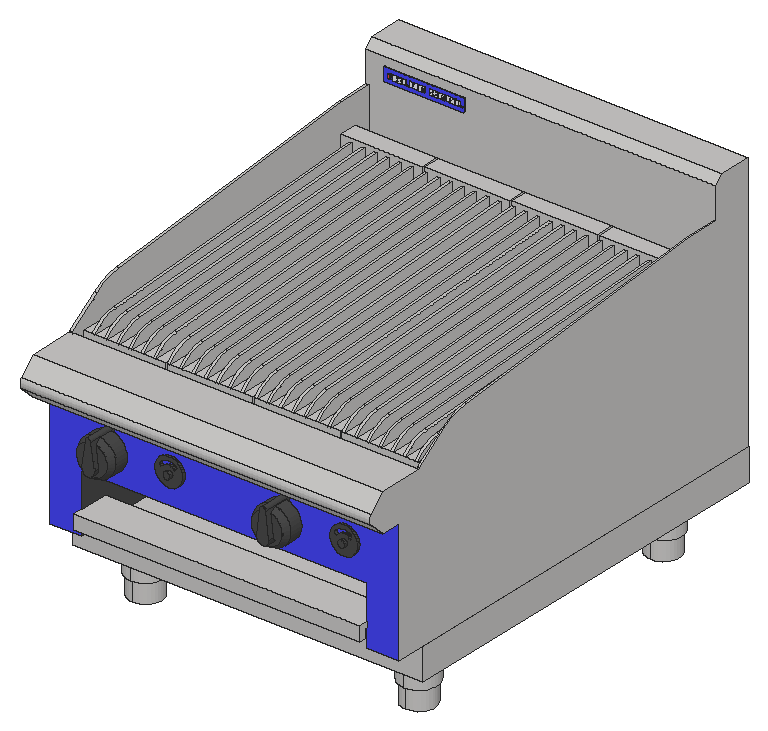
Revit family "QF_MOFFAT_BLUESEAL_CE_G594-B", category Specialty Equipment, Revit 2012
Parameters
  Weight in Pounds = 281  # constant formula
  URL Cutsheet = "www.moffat.com"
  URL = "www.moffat.com"
  Type Mark [instance] = ""
  Status [instance] = ""
  Specification by User [instance] = ""
  Specification by Manufacturer = ""
  Show Logo [instance] = yes
  Show Casters [instance] = yes
  Serial Number = ""
  Seismic Rating = ""
  SMACNA No = ""
  Revision Code [instance] = ""
  Omniclass Number and Title = ""
  NAFEM Spec ID Number = ""
  Model = "G594-B"
  Mechanical Remarks [instance] = ""
  Mechanical Connection Type [instance] = ""
  Masterspec = ""
  Manufacturer = "MOFFAT BLUESEAL"
  Legs [instance] = not(Show Casters)  # no
  Item Number [instance] = ""
  Installed By [instance] = ""
  Identify Quantity as Lot [instance] = yes
  Gas Size = 3/4"
  Gas RI Height [instance] = 0 mm
  Gas KW [instance] = 19.8
  Gas Input [instance] = 67500.0 Btu/h
  Gas Connection Height = 0 mm
  Furnished By [instance] = ""
  Foodservice Equipment Identifier [instance] = yes
  Description = "600MM GAS CHARGRILL BENCH MOUNT"
  CSI MasterFormat = ""
  CSI Master Format = ""
  Body Finish = QF_Finishes_Stainless Steel
Reference planes
  plane 1 "BACK": y = 0
  plane 2: z = 0
  plane 3 "LEFT": x = 0
  plane 4 "RIGHT": x = 600
  plane 5 "FRONT": y = -812
  plane 6 "TOP": z = 972
  plane 7 "Center Y": x = 300
  plane 8 "Center X": y = -406
  plane 9: y = -100
  plane 10: y = -625
  plane 11: z = 585
  plane 12: x = 534.5
  plane 13: x = 65.5
Forms (mm)
  Extrusion 1, solid, material "QF_Finishes_Stainless Steel" <- "Body Finish"
    sketch origin (0, 0, -500) x (0, 1, 0) y (0, 0, 1)
      loop
        line (0, 640) -> (0, 1085) -> (-57.5, 1085) -> (-70, 1072.5) -> (-70, 875) -> (-705, 875) -> (-705, 915) -> (-783.97, 915) -> (-808.485, 890.485)
        arc (-808.485, 890.485) -> (-811.999, 882) -> (-808.485, 873.515) r 12
        line (-808.485, 873.515) -> (-784.97, 850) -> (-749, 850) -> (-749, 640) -> (0, 640)
      loop
        line (0, 585) -> (0, 639.206) -> (-699, 639.206) -> (-699, 585) -> (0, 585)
    from 0 to 600
  Extrusion 2, solid, material "QF_Finishes_Stainless Steel" <- "Body Finish"
    sketch origin (0, 0, -342.612) x (0, 1, 0) y (0, 0, 1)
      loop
        line (-70, 717) -> (-70, 860.112) -> (-127.045, 860.112) -> (-604.53, 814.135)
        arc (-604.53, 814.135) -> (-629.557, 808.415) -> (-652.303, 796.511) r 100
        line (-652.303, 796.511) -> (-705, 759.612) -> (-705, 717) -> (-70, 717)
    from 0 to 4.5
  Extrusion 3, solid, material "QF_Finishes_Stainless Steel" <- "Body Finish"
    sketch origin (600, 0, -342.612) x (0, 1, 0) y (0, 0, -1)
      loop
        line (-70, -717) -> (-705, -717) -> (-705, -759.612) -> (-652.303, -796.511)
        arc (-652.303, -796.511) -> (-629.557, -808.415) -> (-604.53, -814.135) r 100
        line (-604.53, -814.135) -> (-127.045, -860.112) -> (-70, -860.112) -> (-70, -717)
    from 0 to 3
  Revolve 4, solid, material "QF_Finishes_Black"
    sketch origin (108, 7, -344.2) x (0, 1, 0) y (0, 0, 1)
      loop
        line (-789, 671.5) -> (-800, 665.651) -> (-800, 639) -> (-756, 639) -> (-756, 644) -> (-766, 644) -> (-766, 671.5) -> (-789, 671.5)
      axis (-800, 639) -> (-756, 639)
    angle from 0 to 360
  Extrusion 5, solid, material "QF_Finishes_Black"
    sketch origin (-30.113, 7, -344.2) x (1, 0, 0) y (0, 0, 1)
      loop
        line (148.532, 628.195) -> (143.111, 671.113)
        arc (143.111, 671.113) -> (138.113, 676) -> (133.114, 671.113) r 5
        line (133.114, 671.113) -> (127.625, 627.028)
        arc (127.625, 627.028) -> (138.697, 616.529) -> (148.532, 628.195) r 10.487
    from 759 to 808
  Extrusion 6, solid, material "QF_Finishes_Stainless Steel"
    sketch origin (276, 0, -342) x (0, 1, 0) y (0, 0, 1)
      loop
        line (-132, 752.364) -> (-132, 804.849) -> (-637.852, 774.53)
        arc (-637.852, 774.53) -> (-663.098, 767.97) -> (-684, 752.364) r 67.81
        line (-684, 752.364) -> (-132, 752.364)
    from 0 to 4.5
  Extrusion 7, solid, material "QF_Finishes_Stainless Steel"
    sketch origin (255, 0, -342) x (0, 1, 0) y (0, 0, 1)
      loop
        line (-132, 752.364) -> (-132, 804.849) -> (-637.852, 774.53)
        arc (-637.852, 774.53) -> (-663.098, 767.97) -> (-684, 752.364) r 67.81
        line (-684, 752.364) -> (-132, 752.364)
    from 0 to 4.5
  Extrusion 8, solid, material "QF_Finishes_Stainless Steel"
    sketch origin (234, 0, -342) x (0, 1, 0) y (0, 0, 1)
      loop
        line (-132, 752.364) -> (-132, 804.849) -> (-637.852, 774.53)
        arc (-637.852, 774.53) -> (-663.098, 767.97) -> (-684, 752.364) r 67.81
        line (-684, 752.364) -> (-132, 752.364)
    from 0 to 4.5
  Extrusion 9, solid, material "QF_Finishes_Stainless Steel"
    sketch origin (213, 0, -342) x (0, 1, 0) y (0, 0, 1)
      loop
        line (-132, 752.364) -> (-132, 804.849) -> (-637.852, 774.53)
        arc (-637.852, 774.53) -> (-663.098, 767.97) -> (-684, 752.364) r 67.81
        line (-684, 752.364) -> (-132, 752.364)
    from 0 to 4.5
  Extrusion 10, solid, material "QF_Finishes_Stainless Steel"
    sketch origin (192, 0, -342) x (0, 1, 0) y (0, 0, 1)
      loop
        line (-132, 752.364) -> (-132, 804.849) -> (-637.852, 774.53)
        arc (-637.852, 774.53) -> (-663.098, 767.97) -> (-684, 752.364) r 67.81
        line (-684, 752.364) -> (-132, 752.364)
    from 0 to 4.5
  Extrusion 11, solid, material "QF_Finishes_Stainless Steel"
    sketch origin (171, 0, -342) x (0, 1, 0) y (0, 0, 1)
      loop
        line (-132, 752.364) -> (-132, 804.849) -> (-637.852, 774.53)
        arc (-637.852, 774.53) -> (-663.098, 767.97) -> (-684, 752.364) r 67.81
        line (-684, 752.364) -> (-132, 752.364)
    from 0 to 4.5
  Extrusion 12, solid, material "QF_Finishes_Stainless Steel"
    sketch origin (150, 0, -342) x (0, 1, 0) y (0, 0, 1)
      loop
        line (-132, 752.364) -> (-132, 804.849) -> (-637.852, 774.53)
        arc (-637.852, 774.53) -> (-663.098, 767.97) -> (-684, 752.364) r 67.81
        line (-684, 752.364) -> (-132, 752.364)
    from 0 to 4.5
  Extrusion 13, solid, material "QF_Finishes_Stainless Steel"
    sketch origin (126, 0, -342) x (0, 1, 0) y (0, 0, 1)
      loop
        line (-132, 752.364) -> (-132, 804.849) -> (-637.852, 774.53)
        arc (-637.852, 774.53) -> (-663.098, 767.97) -> (-684, 752.364) r 67.81
        line (-684, 752.364) -> (-132, 752.364)
    from 0 to 4.5
  Extrusion 14, solid, material "QF_Finishes_Stainless Steel"
    sketch origin (105, 0, -342) x (0, 1, 0) y (0, 0, 1)
      loop
        line (-132, 752.364) -> (-132, 804.849) -> (-637.852, 774.53)
        arc (-637.852, 774.53) -> (-663.098, 767.97) -> (-684, 752.364) r 67.81
        line (-684, 752.364) -> (-132, 752.364)
    from 0 to 4.5
  Extrusion 15, solid, material "QF_Finishes_Stainless Steel"
    sketch origin (84, 0, -342) x (0, 1, 0) y (0, 0, 1)
      loop
        line (-132, 752.364) -> (-132, 804.849) -> (-637.852, 774.53)
        arc (-637.852, 774.53) -> (-663.098, 767.97) -> (-684, 752.364) r 67.81
        line (-684, 752.364) -> (-132, 752.364)
    from 0 to 4.5
  Extrusion 16, solid, material "QF_Finishes_Stainless Steel"
    sketch origin (63, 0, -342) x (0, 1, 0) y (0, 0, 1)
      loop
        line (-132, 752.364) -> (-132, 804.849) -> (-637.852, 774.53)
        arc (-637.852, 774.53) -> (-663.098, 767.97) -> (-684, 752.364) r 67.81
        line (-684, 752.364) -> (-132, 752.364)
    from 0 to 4.5
  Extrusion 17, solid, material "QF_Finishes_Stainless Steel"
    sketch origin (42, 0, -342) x (0, 1, 0) y (0, 0, 1)
      loop
        line (-132, 752.364) -> (-132, 804.849) -> (-637.852, 774.53)
        arc (-637.852, 774.53) -> (-663.098, 767.97) -> (-684, 752.364) r 67.81
        line (-684, 752.364) -> (-132, 752.364)
    from 0 to 4.5
  Extrusion 18, solid, material "QF_Finishes_Stainless Steel"
    sketch origin (21, 0, -342) x (0, 1, 0) y (0, 0, 1)
      loop
        line (-132, 752.364) -> (-132, 804.849) -> (-637.852, 774.53)
        arc (-637.852, 774.53) -> (-663.098, 767.97) -> (-684, 752.364) r 67.81
        line (-684, 752.364) -> (-132, 752.364)
    from 0 to 4.5
  Extrusion 19, solid, material "QF_Finishes_Stainless Steel"
    sketch origin (426, 0, -342) x (0, 1, 0) y (0, 0, 1)
      loop
        line (-132, 752.364) -> (-132, 804.849) -> (-637.852, 774.53)
        arc (-637.852, 774.53) -> (-663.098, 767.97) -> (-684, 752.364) r 67.81
        line (-684, 752.364) -> (-132, 752.364)
    from 0 to 4.5
  Extrusion 20, solid, material "QF_Finishes_Stainless Steel"
    sketch origin (405, 0, -342) x (0, 1, 0) y (0, 0, 1)
      loop
        line (-132, 752.364) -> (-132, 804.849) -> (-637.852, 774.53)
        arc (-637.852, 774.53) -> (-663.098, 767.97) -> (-684, 752.364) r 67.81
        line (-684, 752.364) -> (-132, 752.364)
    from 0 to 4.5
  Extrusion 21, solid, material "QF_Finishes_Stainless Steel"
    sketch origin (384, 0, -342) x (0, 1, 0) y (0, 0, 1)
      loop
        line (-132, 752.364) -> (-132, 804.849) -> (-637.852, 774.53)
        arc (-637.852, 774.53) -> (-663.098, 767.97) -> (-684, 752.364) r 67.81
        line (-684, 752.364) -> (-132, 752.364)
    from 0 to 4.5
  Extrusion 22, solid, material "QF_Finishes_Stainless Steel"
    sketch origin (363, 0, -342) x (0, 1, 0) y (0, 0, 1)
      loop
        line (-132, 752.364) -> (-132, 804.849) -> (-637.852, 774.53)
        arc (-637.852, 774.53) -> (-663.098, 767.97) -> (-684, 752.364) r 67.81
        line (-684, 752.364) -> (-132, 752.364)
    from 0 to 4.5
  Extrusion 23, solid, material "QF_Finishes_Stainless Steel"
    sketch origin (342, 0, -342) x (0, 1, 0) y (0, 0, 1)
      loop
        line (-132, 752.364) -> (-132, 804.849) -> (-637.852, 774.53)
        arc (-637.852, 774.53) -> (-663.098, 767.97) -> (-684, 752.364) r 67.81
        line (-684, 752.364) -> (-132, 752.364)
    from 0 to 4.5
  Extrusion 24, solid, material "QF_Finishes_Stainless Steel"
    sketch origin (321, 0, -342) x (0, 1, 0) y (0, 0, 1)
      loop
        line (-132, 752.364) -> (-132, 804.849) -> (-637.852, 774.53)
        arc (-637.852, 774.53) -> (-663.098, 767.97) -> (-684, 752.364) r 67.81
        line (-684, 752.364) -> (-132, 752.364)
    from 0 to 4.5
  Extrusion 25, solid, material "QF_Finishes_Stainless Steel"
    sketch origin (300, 0, -342) x (0, 1, 0) y (0, 0, 1)
      loop
        line (-132, 752.364) -> (-132, 804.849) -> (-637.852, 774.53)
        arc (-637.852, 774.53) -> (-663.098, 767.97) -> (-684, 752.364) r 67.81
        line (-684, 752.364) -> (-132, 752.364)
    from 0 to 4.5
  Extrusion 26, solid, material "QF_Finishes_Stainless Steel"
    sketch origin (576, 0, -342) x (0, 1, 0) y (0, 0, 1)
      loop
        line (-132, 752.364) -> (-132, 804.849) -> (-637.852, 774.53)
        arc (-637.852, 774.53) -> (-663.098, 767.97) -> (-684, 752.364) r 67.81
        line (-684, 752.364) -> (-132, 752.364)
    from 0 to 4.5
  Extrusion 27, solid, material "QF_Finishes_Stainless Steel"
    sketch origin (555, 0, -342) x (0, 1, 0) y (0, 0, 1)
      loop
        line (-132, 752.364) -> (-132, 804.849) -> (-637.852, 774.53)
        arc (-637.852, 774.53) -> (-663.098, 767.97) -> (-684, 752.364) r 67.81
        line (-684, 752.364) -> (-132, 752.364)
    from 0 to 4.5
  Extrusion 28, solid, material "QF_Finishes_Stainless Steel"
    sketch origin (534, 0, -342) x (0, 1, 0) y (0, 0, 1)
      loop
        line (-132, 752.364) -> (-132, 804.849) -> (-637.852, 774.53)
        arc (-637.852, 774.53) -> (-663.098, 767.97) -> (-684, 752.364) r 67.81
        line (-684, 752.364) -> (-132, 752.364)
    from 0 to 4.5
  Extrusion 29, solid, material "QF_Finishes_Stainless Steel"
    sketch origin (513, 0, -342) x (0, 1, 0) y (0, 0, 1)
      loop
        line (-132, 752.364) -> (-132, 804.849) -> (-637.852, 774.53)
        arc (-637.852, 774.53) -> (-663.098, 767.97) -> (-684, 752.364) r 67.81
        line (-684, 752.364) -> (-132, 752.364)
    from 0 to 4.5
  Extrusion 30, solid, material "QF_Finishes_Stainless Steel"
    sketch origin (492, 0, -342) x (0, 1, 0) y (0, 0, 1)
      loop
        line (-132, 752.364) -> (-132, 804.849) -> (-637.852, 774.53)
        arc (-637.852, 774.53) -> (-663.098, 767.97) -> (-684, 752.364) r 67.81
        line (-684, 752.364) -> (-132, 752.364)
    from 0 to 4.5
  Extrusion 31, solid, material "QF_Finishes_Stainless Steel"
    sketch origin (471, 0, -342) x (0, 1, 0) y (0, 0, 1)
      loop
        line (-132, 752.364) -> (-132, 804.849) -> (-637.852, 774.53)
        arc (-637.852, 774.53) -> (-663.098, 767.97) -> (-684, 752.364) r 67.81
        line (-684, 752.364) -> (-132, 752.364)
    from 0 to 4.5
  Extrusion 32, solid, material "QF_Finishes_Stainless Steel"
    sketch origin (450, 0, -342) x (0, 1, 0) y (0, 0, 1)
      loop
        line (-132, 752.364) -> (-132, 804.849) -> (-637.852, 774.53)
        arc (-637.852, 774.53) -> (-663.098, 767.97) -> (-684, 752.364) r 67.81
        line (-684, 752.364) -> (-132, 752.364)
    from 0 to 4.5
  Extrusion 33, solid, material "QF_Finishes_Stainless Steel"
    sketch origin (0, 3, -500) x (1, 0, 0) y (0, 1, 0)
      loop
        circle (216, -37) r 13.5
    from 553 to 585
  Extrusion 34, solid, material "QF_Finishes_Stainless Steel"
    sketch origin (0, 0, -342) x (0, 1, 0) y (0, 0, 1)
      loop
        line (-132, 752.364) -> (-684, 752.364) -> (-684, 717) -> (-102, 717) -> (-102, 812) -> (-132, 812) -> (-132, 752.364)
    from 4.5 to 147
  Extrusion 35, solid, material "QF_Finishes_Stainless Steel"
    sketch origin (145.5, 0, -342) x (0, 1, 0) y (0, 0, 1)
      loop
        line (-132, 752.364) -> (-684, 752.364) -> (-684, 717) -> (-102, 717) -> (-102, 812) -> (-132, 812) -> (-132, 752.364)
    from 4.5 to 151.5
  Extrusion 36, solid, material "QF_Finishes_Stainless Steel"
    sketch origin (295.5, 0, -342) x (0, 1, 0) y (0, 0, 1)
      loop
        line (-132, 752.364) -> (-684, 752.364) -> (-684, 717) -> (-102, 717) -> (-102, 812) -> (-132, 812) -> (-132, 752.364)
    from 4.5 to 151.5
  Extrusion 37, solid, material "QF_Finishes_Stainless Steel"
    sketch origin (445.5, 0, -342) x (0, 1, 0) y (0, 0, 1)
      loop
        line (-132, 752.364) -> (-684, 752.364) -> (-684, 717) -> (-102, 717) -> (-102, 812) -> (-132, 812) -> (-132, 752.364)
    from 4.5 to 151.5
  Extrusion 38, solid, material "QF_Finishes_Black"
    sketch origin (0, -749, 350) x (0, 0, -1) y (1, 0, 0)
      loop
        circle (55.799, 208) r 23.9
      loop
        arc (48.44, 216.419) -> (49.3, 221.219) -> (44.5, 222.079) r 3.448
        arc (44.5, 222.079) -> (37.915, 207.341) -> (45.718, 193.209) r 18.095
        arc (45.718, 193.209) -> (50.44, 194.491) -> (49.125, 199.204) r 3.448
        arc (49.125, 199.204) -> (45.557, 207.683) -> (48.44, 216.419) r 13.109
      loop
        circle (55.799, 508) r 23.9
      loop
        arc (44.5, 522.079) -> (37.915, 507.341) -> (45.718, 493.209) r 18.095
        arc (45.718, 493.209) -> (50.44, 494.491) -> (49.125, 499.204) r 3.448
        arc (49.125, 499.204) -> (45.557, 507.683) -> (48.44, 516.419) r 13.109
        arc (48.44, 516.419) -> (49.3, 521.219) -> (44.5, 522.079) r 3.448
    from 0 to 4
  Extrusion 39, solid, material "QF_Finishes_Black"
    sketch origin (0, -753, 350) x (0, 0, -1) y (1, 0, 0)
      loop
        circle (59.299, 208) r 5.75
      loop
        circle (59.299, 508) r 5.75
    from 0 to 5
  Revolve 40, solid, material "QF_Finishes_Black"
    sketch origin (408, 7, -344.2) x (0, 1, 0) y (0, 0, 1)
      loop
        line (-789, 671.5) -> (-800, 665.651) -> (-800, 639) -> (-756, 639) -> (-756, 644) -> (-766, 644) -> (-766, 671.5) -> (-789, 671.5)
      axis (-800, 639) -> (-756, 639)
    angle from 0 to 360
  Extrusion 41, solid, material "QF_Finishes_Black"
    sketch origin (269.887, 7, -344.2) x (1, 0, 0) y (0, 0, 1)
      loop
        line (148.532, 628.195) -> (143.111, 671.113)
        arc (143.111, 671.113) -> (138.113, 676) -> (133.114, 671.113) r 5
        line (133.114, 671.113) -> (127.625, 627.028)
        arc (127.625, 627.028) -> (138.697, 616.529) -> (148.532, 628.195) r 10.487
    from 759 to 808
  Extrusion 42, void
    sketch origin (0, -749, 350) x (0, 0, 1) y (1, 0, 0)
      loop
        line (-210, 545) -> (-210, 55) -> (-110, 55) -> (-110, 545) -> (-210, 545)
    from 0 to 250
  Extrusion 43, solid, material "QF_Finishes_Stainless Steel"
    sketch origin (55, -749, 140) x (0, 0, 1) y (0, -1, 0)
      loop
        line (16.797, 15.924) -> (16.797, 5.924) -> (31.797, 5.924) -> (31.797, -31.346) -> (0, -31.346) -> (0, -50) -> (41.797, -50) -> (41.797, 15.924) -> (16.797, 15.924)
    from 0 to 490
  Revolve 44, solid, material "QF_Finishes_Stainless Steel" <- "Body Finish"
    sketch origin (534.5, -735, 0) x (0, 1, 0) y (0, 0, -1)
      loop
        line (78.25, -85) -> (110, -85) -> (110, 0) -> (82.5, 0) -> (82.5, -35) -> (78.25, -35) -> (78.25, -85)
      axis (110, -85) -> (110, 0)
    angle from 0 to 360
  Revolve 45, solid, material "QF_Finishes_Stainless Steel" <- "Body Finish"
    sketch origin (534.5, -210, 0) x (0, 1, 0) y (0, 0, -1)
      loop
        line (78.25, -85) -> (110, -85) -> (110, 0) -> (82.5, 0) -> (82.5, -35) -> (78.25, -35) -> (78.25, -85)
      axis (110, -85) -> (110, 0)
    angle from 0 to 360
  Revolve 46, solid, material "QF_Finishes_Stainless Steel" <- "Body Finish"
    sketch origin (65.5, -735, 0) x (0, 1, 0) y (0, 0, 1)
      loop
        line (78.25, 85) -> (78.25, 35) -> (82.5, 35) -> (82.5, 0) -> (110, 0) -> (110, 85) -> (78.25, 85)
      axis (110, 85) -> (110, 0)
    angle from 0 to 360
  Revolve 47, solid, material "QF_Finishes_Stainless Steel" <- "Body Finish"
    sketch origin (65.5, -210, 0) x (0, 1, 0) y (0, 0, 1)
      loop
        line (78.25, 85) -> (78.25, 35) -> (82.5, 35) -> (82.5, 0) -> (110, 0) -> (110, 85) -> (78.25, 85)
      axis (110, 85) -> (110, 0)
    angle from 0 to 360
Cuts and joins
  joined: Revolve 4, Extrusion 5
  Extrusion 42 cuts Extrusion 1
  Extrusion 42 cuts Extrusion 2
  Extrusion 42 cuts Extrusion 3
  joined: Extrusion 1, Extrusion 2, Extrusion 3
Lines and regions (mm)
  Split face 1
    outline origin (600, 0, 585) x (-1, 0, 0) y (0, -1, 0)
      loop
        arc (556, 18.185) -> (564.66, 23.185) -> (564.66, 33.185) r 10
        line (564.66, 33.185) -> (560.619, 40.185)
        arc (560.619, 40.185) -> (556.959, 43.845) -> (551.959, 45.185) r 10
        line (551.959, 45.185) -> (324, 45.185)
        arc (324, 45.185) -> (315.34, 40.185) -> (315.34, 30.185) r 10
        line (315.34, 30.185) -> (319.381, 23.185)
        arc (319.381, 23.185) -> (323.041, 19.525) -> (328.041, 18.185) r 10
        line (328.041, 18.185) -> (556, 18.185)
  Split face 2
    outline origin (600, 0, 585) x (-1, 0, 0) y (0, -1, 0)
      loop
        arc (256, 18.185) -> (264.66, 23.185) -> (264.66, 33.185) r 10
        line (264.66, 33.185) -> (260.619, 40.185)
        arc (260.619, 40.185) -> (256.959, 43.845) -> (251.959, 45.185) r 10
        line (251.959, 45.185) -> (24, 45.185)
        arc (24, 45.185) -> (15.34, 40.185) -> (15.34, 30.185) r 10
        line (15.34, 30.185) -> (19.381, 23.185)
        arc (19.381, 23.185) -> (23.041, 19.525) -> (28.041, 18.185) r 10
        line (28.041, 18.185) -> (256, 18.185)
  symbolic lines
    curve 1: line (271.959, -18.185, 0) -> (44, -18.185, 0)
    curve 2: arc (44, -18.185, 0) -> (35.34, -23.185, 0) -> (35.34, -33.185, 0) r 10
    curve 3: line (35.34, -33.185, 0) -> (39.381, -40.185, 0)
    curve 4: arc (39.381, -40.185, 0) -> (43.041, -43.845, 0) -> (48.041, -45.185, 0) r 10
    curve 5: line (48.041, -45.185, 0) -> (276, -45.185, 0)
    curve 6: arc (276, -45.185, 0) -> (284.66, -40.185, 0) -> (284.66, -30.185, 0) r 10
    curve 7: line (284.66, -30.185, 0) -> (280.619, -23.185, 0)
    curve 8: arc (280.619, -23.185, 0) -> (276.959, -19.525, 0) -> (271.959, -18.185, 0) r 10
    curve 9: line (571.959, -18.185, 0) -> (344, -18.185, 0)
    curve 10: arc (344, -18.185, 0) -> (335.34, -23.185, 0) -> (335.34, -33.185, 0) r 10
    curve 11: line (335.34, -33.185, 0) -> (339.381, -40.185, 0)
    curve 12: arc (339.381, -40.185, 0) -> (343.041, -43.845, 0) -> (348.041, -45.185, 0) r 10
    curve 13: line (348.041, -45.185, 0) -> (576, -45.185, 0)
    curve 14: arc (576, -45.185, 0) -> (584.66, -40.185, 0) -> (584.66, -30.185, 0) r 10
    curve 15: line (584.66, -30.185, 0) -> (580.619, -23.185, 0)
    curve 16: arc (580.619, -23.185, 0) -> (576.959, -19.525, 0) -> (571.959, -18.185, 0) r 10
    curve 17: line (600, 0, 0) -> (0, 0, 0)
    curve 18: line (0, 0, 0) -> (0, -811.999, 0)
    curve 19: line (600, -811.999, 0) -> (600, 0, 0)
    curve 20: line (0, -783.97, 0) -> (600, -783.97, 0)
    curve 21: line (597, -705, 0) -> (4.5, -705, 0)
    curve 22: line (600, -811.999, 0) -> (0, -811.999, 0)
    curve 23: line (0, -57.5, 0) -> (600, -57.5, 0)
    curve 24: line (0, -70, 0) -> (600, -70, 0)
    curve 25: line (4.5, -705, 0) -> (4.5, -70, 0)
    curve 26: line (597, -70, 0) -> (597, -705, 0)
    curve 27: line (147, -102, 0) -> (4.5, -102, 0)
    curve 28: line (297, -102, 0) -> (150, -102, 0)
    curve 29: line (447, -102, 0) -> (300, -102, 0)
    curve 30: line (597, -102, 0) -> (450, -102, 0)
    curve 31: line (147, -684, 0) -> (147, -102, 0)
    curve 32: line (150, -102, 0) -> (150, -684, 0)
    curve 33: line (297, -684, 0) -> (297, -102, 0)
    curve 34: line (300, -102, 0) -> (300, -684, 0)
    curve 35: line (447, -684, 0) -> (447, -102, 0)
    curve 36: line (450, -102, 0) -> (450, -684, 0)
    curve 37: line (21, -132, 0) -> (21, -684, 0)
    curve 38: line (42, -132, 0) -> (42, -684, 0)
    curve 39: line (63, -132, 0) -> (63, -684, 0)
    curve 40: line (84, -132, 0) -> (84, -684, 0)
    curve 41: line (105, -132, 0) -> (105, -684, 0)
    curve 42: line (126, -132, 0) -> (126, -684, 0)
    curve 43: line (150, -132, 0) -> (297, -132, 0)
    curve 44: line (4.5, -132, 0) -> (147, -132, 0)
    curve 45: line (300, -132, 0) -> (447, -132, 0)
    curve 46: line (450, -132, 0) -> (597, -132, 0)
    curve 47: line (154.5, -684, 0) -> (154.5, -132, 0)
    curve 48: line (175.5, -684, 0) -> (175.5, -132, 0)
    curve 49: line (196.5, -684, 0) -> (196.5, -132, 0)
    curve 50: line (217.5, -684, 0) -> (217.5, -132, 0)
    curve 51: line (238.5, -684, 0) -> (238.5, -132, 0)
    curve 52: line (259.5, -684, 0) -> (259.5, -132, 0)
    curve 53: line (280.5, -684, 0) -> (280.5, -132, 0)
    curve 54: line (304.5, -684, 0) -> (304.5, -132, 0)
    curve 55: line (325.5, -684, 0) -> (325.5, -132, 0)
    curve 56: line (346.5, -684, 0) -> (346.5, -132, 0)
    curve 57: line (367.5, -684, 0) -> (367.5, -132, 0)
    curve 58: line (388.5, -684, 0) -> (388.5, -132, 0)
    curve 59: line (409.5, -684, 0) -> (409.5, -132, 0)
    curve 60: line (430.5, -684, 0) -> (430.5, -132, 0)
    curve 61: line (454.5, -684, 0) -> (454.5, -132, 0)
    curve 62: line (475.5, -684, 0) -> (475.5, -132, 0)
    curve 63: line (496.5, -684, 0) -> (496.5, -132, 0)
    curve 64: line (517.5, -684, 0) -> (517.5, -132, 0)
    curve 65: line (538.5, -684, 0) -> (538.5, -132, 0)
    curve 66: line (559.5, -684, 0) -> (559.5, -132, 0)
    curve 67: line (580.5, -684, 0) -> (580.5, -132, 0)
    curve 68: line (4.5, -684, 0) -> (147, -684, 0)
    curve 69: line (150, -684, 0) -> (297, -684, 0)
    curve 70: line (300, -684, 0) -> (447, -684, 0)
    curve 71: line (450, -684, 0) -> (597, -684, 0)
Dimensions and locks
  equal spacing: plane 3 "LEFT", plane 7 "Center Y", plane 4 "RIGHT"
  plane 3 "LEFT" to plane 4 "RIGHT" = 600 mm
  equal spacing: plane 5 "FRONT", plane 8 "Center X", plane 1 "BACK"
  plane 5 "FRONT" to plane 1 "BACK" = 812 mm  (x2)
  equal spacing: plane 4 "RIGHT", plane 7 "Center Y", plane 3 "LEFT"
  plane 4 "RIGHT" to plane 3 "LEFT" = 600 mm
  Extrusion 33 to level = 53 mm  (x2)
  Extrusion 33 to plane 1 "BACK" = 34 mm
  Extrusion 33 sketch curve to plane 1 "BACK" = 34 mm
  plane 2 to Extrusion 33 = 53 mm
  plane 3 "LEFT" to Extrusion 33 sketch curve = 216 mm
  locked: plane 11 to level at 585
  cut or joined group of Extrusion 1, Extrusion 2, Extrusion 3, Extrusion 42 to level = 85 mm
  plane 12 to plane 13 = 469 mm
  cut or joined group of Extrusion 1, Extrusion 2, Extrusion 3, Extrusion 42 to plane 2 = 415 mm
  aligned and locked: level to plane 2
Automatic sketch dimensions
  Extrusion 1 sketch curve to plane 1 "BACK" = 0 mm  (x2)
  Extrusion 1 sketch curve to Extrusion 1 sketch curve = 57.5 mm
  plane 1 "BACK" to Extrusion 1 sketch curve = 70 mm
  Extrusion 1 sketch curve to plane 5 "FRONT" = 107 mm
  Extrusion 1 sketch curve to plane 5 "FRONT" = 113 mm
  Extrusion 1 sketch curve to Extrusion 1 sketch curve = 44 mm
  Extrusion 1 sketch curve to plane 5 "FRONT" = 28.03 mm
  Extrusion 1 sketch curve to plane 5 "FRONT" = 27.03 mm
  Extrusion 1 sketch curve to plane 5 "FRONT" = 12.001 mm
  Extrusion 1 sketch curve to plane 5 "FRONT" = 3.515 mm  (x2)
  Extrusion 1 sketch curve to Extrusion 1 sketch curve = 24.515 mm
  Extrusion 1 sketch curve to Extrusion 1 sketch curve = 8.485 mm
  Extrusion 1 sketch curve to Extrusion 1 sketch curve = 40 mm
  Extrusion 1 sketch curve to Extrusion 1 sketch curve = 23.515 mm
  Extrusion 1 sketch curve to Extrusion 1 sketch curve = 235 mm
  Extrusion 1 sketch curve to Extrusion 1 sketch curve = 0.794 mm
  Extrusion 1 sketch curve to Extrusion 1 sketch curve = 54.206 mm
  Extrusion 2 sketch curve to plane 5 "FRONT" = 107 mm
  Extrusion 2 sketch curve to Extrusion 2 sketch curve = 52.697 mm
  Extrusion 2 sketch curve to plane 6 "TOP" = 500.477 mm
  Extrusion 2 sketch curve to Extrusion 2 sketch curve = 47.773 mm
  Extrusion 2 sketch curve to plane 6 "TOP" = 454.5 mm
  plane 1 "BACK" to Extrusion 2 sketch curve = 127.045 mm
  plane 1 "BACK" to Extrusion 2 sketch curve = 70 mm
  Extrusion 2 sketch curve to Extrusion 2 sketch curve = 79.511 mm
  Extrusion 2 sketch curve to Extrusion 2 sketch curve = 42.612 mm
  Extrusion 3 sketch curve to plane 5 "FRONT" = 107 mm
  Extrusion 3 sketch curve to Extrusion 3 sketch curve = 52.697 mm
  Extrusion 3 sketch curve to plane 6 "TOP" = 500.477 mm
  Extrusion 3 sketch curve to Extrusion 3 sketch curve = 47.773 mm
  Extrusion 3 sketch curve to plane 6 "TOP" = 454.5 mm
  plane 1 "BACK" to Extrusion 3 sketch curve = 127.045 mm
  Extrusion 3 sketch curve to Extrusion 3 sketch curve = 57.045 mm
  Revolve 4 sketch curve to plane 5 "FRONT" = 19 mm
  Revolve 4 sketch curve to Revolve 4 sketch curve = 0 mm  (x2)
  Revolve 4 sketch curve to Revolve 4 sketch curve = 11 mm
  Revolve 4 sketch curve to Revolve 4 sketch curve = 12.7 mm
  Revolve 4 sketch curve to Revolve 4 sketch curve = 23 mm
  Revolve 4 sketch curve to Revolve 4 sketch curve = 10 mm
  Revolve 4 sketch curve to Revolve 4 sketch curve = 5 mm
  Revolve 4 sketch curve to Revolve 4 sketch curve = 26.651 mm
  Revolve 4 sketch curve to Revolve 4 sketch curve = 5.849 mm
  plane 3 "LEFT" to Extrusion 5 sketch curve = 97.513 mm
  Extrusion 5 sketch curve to Extrusion 5 sketch curve = 5.489 mm
  Extrusion 5 sketch curve to Extrusion 5 sketch curve = 4.999 mm  (x2)
  Extrusion 5 sketch curve to Extrusion 5 sketch curve = 10.487 mm
  Extrusion 5 sketch curve to Extrusion 5 sketch curve = 10.419 mm
  Extrusion 5 sketch curve to Extrusion 5 sketch curve = 0.028 mm
  Extrusion 5 sketch curve to Extrusion 5 sketch curve = 44 mm
  Extrusion 5 sketch curve to Extrusion 5 sketch curve = 0.113 mm
  Extrusion 6 sketch curve to plane 5 "FRONT" = 128 mm
  Extrusion 6 sketch curve to Extrusion 6 sketch curve = 46.148 mm
  Extrusion 6 sketch curve to Extrusion 6 sketch curve = 50.262 mm
  plane 1 "BACK" to Extrusion 6 sketch curve = 132 mm
  Extrusion 7 sketch curve to plane 5 "FRONT" = 128 mm
  Extrusion 7 sketch curve to Extrusion 7 sketch curve = 46.148 mm
  Extrusion 7 sketch curve to Extrusion 7 sketch curve = 50.262 mm
  plane 1 "BACK" to Extrusion 7 sketch curve = 132 mm
  Extrusion 8 sketch curve to plane 5 "FRONT" = 128 mm
  Extrusion 8 sketch curve to Extrusion 8 sketch curve = 46.148 mm
  Extrusion 8 sketch curve to Extrusion 8 sketch curve = 50.262 mm
  plane 1 "BACK" to Extrusion 8 sketch curve = 132 mm
  Extrusion 9 sketch curve to plane 5 "FRONT" = 128 mm
  Extrusion 9 sketch curve to Extrusion 9 sketch curve = 46.148 mm
  Extrusion 9 sketch curve to Extrusion 9 sketch curve = 50.262 mm
  plane 1 "BACK" to Extrusion 9 sketch curve = 132 mm
  Extrusion 10 sketch curve to plane 5 "FRONT" = 128 mm
  Extrusion 10 sketch curve to Extrusion 10 sketch curve = 46.148 mm
  Extrusion 10 sketch curve to Extrusion 10 sketch curve = 4.114 mm
  plane 1 "BACK" to Extrusion 10 sketch curve = 132 mm
  Extrusion 11 sketch curve to plane 5 "FRONT" = 128 mm
  Extrusion 11 sketch curve to Extrusion 11 sketch curve = 46.148 mm
  Extrusion 11 sketch curve to Extrusion 11 sketch curve = 4.114 mm
  plane 1 "BACK" to Extrusion 11 sketch curve = 132 mm
  Extrusion 12 sketch curve to plane 5 "FRONT" = 128 mm
  Extrusion 12 sketch curve to Extrusion 12 sketch curve = 46.148 mm
  Extrusion 12 sketch curve to Extrusion 12 sketch curve = 4.114 mm
  plane 1 "BACK" to Extrusion 12 sketch curve = 132 mm
  Extrusion 13 sketch curve to plane 5 "FRONT" = 128 mm
  Extrusion 13 sketch curve to Extrusion 13 sketch curve = 46.148 mm
  Extrusion 13 sketch curve to Extrusion 13 sketch curve = 50.262 mm
  plane 1 "BACK" to Extrusion 13 sketch curve = 132 mm
  Extrusion 14 sketch curve to plane 5 "FRONT" = 128 mm
  Extrusion 14 sketch curve to Extrusion 14 sketch curve = 46.148 mm
  Extrusion 14 sketch curve to Extrusion 14 sketch curve = 50.262 mm
  plane 1 "BACK" to Extrusion 14 sketch curve = 132 mm
  Extrusion 15 sketch curve to plane 5 "FRONT" = 128 mm
  Extrusion 15 sketch curve to Extrusion 15 sketch curve = 46.148 mm
  Extrusion 15 sketch curve to Extrusion 15 sketch curve = 50.262 mm
  plane 1 "BACK" to Extrusion 15 sketch curve = 132 mm
  Extrusion 16 sketch curve to plane 5 "FRONT" = 128 mm
  Extrusion 16 sketch curve to Extrusion 16 sketch curve = 46.148 mm
  Extrusion 16 sketch curve to Extrusion 16 sketch curve = 50.262 mm
  plane 1 "BACK" to Extrusion 16 sketch curve = 132 mm
  Extrusion 17 sketch curve to plane 5 "FRONT" = 128 mm
  Extrusion 17 sketch curve to Extrusion 17 sketch curve = 46.148 mm
  Extrusion 17 sketch curve to Extrusion 17 sketch curve = 50.262 mm
  plane 1 "BACK" to Extrusion 17 sketch curve = 132 mm
  Extrusion 18 sketch curve to plane 5 "FRONT" = 128 mm
  Extrusion 18 sketch curve to Extrusion 18 sketch curve = 46.148 mm
  Extrusion 18 sketch curve to Extrusion 18 sketch curve = 50.262 mm
  plane 1 "BACK" to Extrusion 18 sketch curve = 132 mm
  Extrusion 19 sketch curve to plane 5 "FRONT" = 128 mm
  Extrusion 19 sketch curve to Extrusion 19 sketch curve = 46.148 mm
  Extrusion 19 sketch curve to Extrusion 19 sketch curve = 50.262 mm
  plane 1 "BACK" to Extrusion 19 sketch curve = 132 mm
  Extrusion 20 sketch curve to plane 5 "FRONT" = 128 mm
  Extrusion 20 sketch curve to Extrusion 20 sketch curve = 46.148 mm
  Extrusion 20 sketch curve to Extrusion 20 sketch curve = 50.262 mm
  plane 1 "BACK" to Extrusion 20 sketch curve = 132 mm
  Extrusion 21 sketch curve to plane 5 "FRONT" = 128 mm
  Extrusion 21 sketch curve to Extrusion 21 sketch curve = 46.148 mm
  Extrusion 21 sketch curve to Extrusion 21 sketch curve = 50.262 mm
  plane 1 "BACK" to Extrusion 21 sketch curve = 132 mm
  Extrusion 22 sketch curve to plane 5 "FRONT" = 128 mm
  Extrusion 22 sketch curve to Extrusion 22 sketch curve = 46.148 mm
  Extrusion 22 sketch curve to Extrusion 22 sketch curve = 4.114 mm
  plane 1 "BACK" to Extrusion 22 sketch curve = 132 mm
  Extrusion 23 sketch curve to plane 5 "FRONT" = 128 mm
  Extrusion 23 sketch curve to Extrusion 23 sketch curve = 46.148 mm
  Extrusion 23 sketch curve to Extrusion 23 sketch curve = 50.262 mm
  plane 1 "BACK" to Extrusion 23 sketch curve = 132 mm
  Extrusion 24 sketch curve to plane 5 "FRONT" = 128 mm
  Extrusion 24 sketch curve to Extrusion 24 sketch curve = 46.148 mm
  Extrusion 24 sketch curve to Extrusion 24 sketch curve = 4.114 mm
  plane 1 "BACK" to Extrusion 24 sketch curve = 132 mm
  Extrusion 25 sketch curve to plane 5 "FRONT" = 128 mm
  Extrusion 25 sketch curve to Extrusion 25 sketch curve = 46.148 mm
  Extrusion 25 sketch curve to Extrusion 25 sketch curve = 50.262 mm
  plane 1 "BACK" to Extrusion 25 sketch curve = 132 mm
  Extrusion 26 sketch curve to plane 5 "FRONT" = 128 mm
  Extrusion 26 sketch curve to Extrusion 26 sketch curve = 46.148 mm
  Extrusion 26 sketch curve to Extrusion 26 sketch curve = 4.114 mm
  plane 1 "BACK" to Extrusion 26 sketch curve = 132 mm
  Extrusion 26 sketch curve to Extrusion 26 sketch curve = 45.518 mm
  Extrusion 27 sketch curve to plane 5 "FRONT" = 128 mm
  Extrusion 27 sketch curve to Extrusion 27 sketch curve = 46.148 mm
  Extrusion 27 sketch curve to Extrusion 27 sketch curve = 50.262 mm
  plane 1 "BACK" to Extrusion 27 sketch curve = 132 mm
  Extrusion 28 sketch curve to plane 5 "FRONT" = 128 mm
  Extrusion 28 sketch curve to Extrusion 28 sketch curve = 46.148 mm
  Extrusion 28 sketch curve to Extrusion 28 sketch curve = 50.262 mm
  plane 1 "BACK" to Extrusion 28 sketch curve = 132 mm
  Extrusion 29 sketch curve to plane 5 "FRONT" = 128 mm
  Extrusion 29 sketch curve to Extrusion 29 sketch curve = 46.148 mm
  Extrusion 29 sketch curve to Extrusion 29 sketch curve = 50.262 mm
  plane 1 "BACK" to Extrusion 29 sketch curve = 132 mm
  Extrusion 30 sketch curve to plane 5 "FRONT" = 128 mm
  Extrusion 30 sketch curve to Extrusion 30 sketch curve = 46.148 mm
  Extrusion 30 sketch curve to Extrusion 30 sketch curve = 50.262 mm
  plane 1 "BACK" to Extrusion 30 sketch curve = 132 mm
  Extrusion 31 sketch curve to plane 5 "FRONT" = 128 mm
  Extrusion 31 sketch curve to Extrusion 31 sketch curve = 46.148 mm
  Extrusion 31 sketch curve to Extrusion 31 sketch curve = 50.262 mm
  plane 1 "BACK" to Extrusion 31 sketch curve = 132 mm
  Extrusion 32 sketch curve to plane 5 "FRONT" = 128 mm
  Extrusion 32 sketch curve to Extrusion 32 sketch curve = 46.148 mm
  Extrusion 32 sketch curve to Extrusion 32 sketch curve = 50.262 mm
  plane 1 "BACK" to Extrusion 32 sketch curve = 132 mm
  Extrusion 34 sketch curve to plane 5 "FRONT" = 128 mm
  plane 1 "BACK" to Extrusion 34 sketch curve = 132 mm
  Extrusion 34 sketch curve to Extrusion 34 sketch curve = 30 mm
  Extrusion 34 sketch curve to Extrusion 34 sketch curve = 35.364 mm
  Extrusion 35 sketch curve to plane 5 "FRONT" = 128 mm
  plane 1 "BACK" to Extrusion 35 sketch curve = 132 mm
  Extrusion 35 sketch curve to Extrusion 35 sketch curve = 30 mm
  Extrusion 35 sketch curve to Extrusion 35 sketch curve = 35.364 mm
  Extrusion 36 sketch curve to plane 5 "FRONT" = 128 mm
  plane 1 "BACK" to Extrusion 36 sketch curve = 132 mm
  Extrusion 36 sketch curve to Extrusion 36 sketch curve = 30 mm
  Extrusion 36 sketch curve to Extrusion 36 sketch curve = 35.364 mm
  Extrusion 37 sketch curve to plane 5 "FRONT" = 128 mm
  plane 1 "BACK" to Extrusion 37 sketch curve = 132 mm
  Extrusion 37 sketch curve to Extrusion 37 sketch curve = 30 mm
  Extrusion 37 sketch curve to Extrusion 37 sketch curve = 35.364 mm
  Extrusion 1 to Extrusion 38 sketch curve = 44.5 mm  (x2)
  Extrusion 38 sketch curve to Extrusion 38 sketch curve = 1.218 mm  (x2)
  Extrusion 38 sketch curve to Extrusion 38 sketch curve = 1.97 mm  (x4)
  Extrusion 38 sketch curve to Extrusion 38 sketch curve = 1.724 mm  (x2)
  Extrusion 38 sketch curve to Extrusion 38 sketch curve = 1.683 mm  (x2)
  Extrusion 38 sketch curve to Extrusion 38 sketch curve = 6.674 mm  (x2)
  Extrusion 38 sketch curve to Extrusion 38 sketch curve = 0.195 mm  (x2)
  Extrusion 38 sketch curve to Extrusion 38 sketch curve = 2.662 mm  (x2)
  Extrusion 1 to Extrusion 38 sketch curve = 193.209 mm
  Extrusion 38 sketch curve to Extrusion 38 sketch curve = 2.986 mm  (x2)
  Extrusion 38 sketch curve to Extrusion 38 sketch curve = 8.796 mm  (x2)
  Extrusion 38 sketch curve to Extrusion 38 sketch curve = 0.103 mm  (x2)
  Extrusion 38 sketch curve to Extrusion 38 sketch curve = 0.102 mm  (x2)
  Extrusion 1 to Extrusion 38 sketch curve = 106.791 mm
  Extrusion 39 sketch curve to Extrusion 39 sketch curve = 0 mm
  Extrusion 39 sketch curve to Extrusion 39 sketch curve = 300 mm
  Revolve 40 sketch curve to plane 5 "FRONT" = 19 mm
  Revolve 40 sketch curve to Revolve 40 sketch curve = 0 mm  (x2)
  Revolve 40 sketch curve to Revolve 40 sketch curve = 11 mm
  Revolve 40 sketch curve to Revolve 40 sketch curve = 12.7 mm
  Revolve 40 sketch curve to Revolve 40 sketch curve = 23 mm
  Revolve 40 sketch curve to Revolve 40 sketch curve = 10 mm
  Revolve 40 sketch curve to Revolve 40 sketch curve = 5 mm
  Revolve 40 sketch curve to Revolve 40 sketch curve = 26.651 mm
  Revolve 40 sketch curve to Revolve 40 sketch curve = 5.849 mm
  plane 7 "Center Y" to Extrusion 41 sketch curve = 97.513 mm
  Extrusion 41 sketch curve to Extrusion 41 sketch curve = 5.489 mm
  Extrusion 41 sketch curve to Extrusion 41 sketch curve = 4.999 mm  (x2)
  Extrusion 41 sketch curve to Extrusion 41 sketch curve = 10.487 mm
  Extrusion 41 sketch curve to Extrusion 41 sketch curve = 10.419 mm
  Extrusion 41 sketch curve to Extrusion 41 sketch curve = 0.028 mm
  Extrusion 41 sketch curve to Extrusion 41 sketch curve = 44 mm
  Extrusion 41 sketch curve to Extrusion 41 sketch curve = 0.113 mm
  Extrusion 42 sketch curve to Extrusion 1 = 100 mm
  Extrusion 1 to Extrusion 42 sketch curve = 0 mm
  Extrusion 42 sketch curve to Extrusion 1 = 55 mm  (x2)
  Split face 1 sketch curve to cut or joined group of Extrusion 1, Extrusion 2, Extrusion 3, Extrusion 42 = 27.315 mm
  Split face 1 sketch curve to cut or joined group of Extrusion 1, Extrusion 2, Extrusion 3, Extrusion 42 = 284.66 mm
  Split face 1 sketch curve to Split face 1 sketch curve = 4.041 mm  (x4)
  Split face 1 sketch curve to Split face 1 sketch curve = 8.66 mm  (x2)
  Split face 1 sketch curve to cut or joined group of Extrusion 1, Extrusion 2, Extrusion 3, Extrusion 42 = 12.315 mm
  Split face 1 sketch curve to cut or joined group of Extrusion 1, Extrusion 2, Extrusion 3, Extrusion 42 = 48.041 mm
  Split face 1 sketch curve to Split face 1 sketch curve = 7 mm  (x3)
  Split face 1 sketch curve to Split face 1 sketch curve = 17 mm
  Split face 2 sketch curve to cut or joined group of Extrusion 1, Extrusion 2, Extrusion 3, Extrusion 42 = 15.34 mm
  Split face 2 sketch curve to Split face 2 sketch curve = 4.041 mm  (x4)
  Split face 2 sketch curve to Split face 2 sketch curve = 8.66 mm  (x2)
  Split face 2 sketch curve to cut or joined group of Extrusion 1, Extrusion 2, Extrusion 3, Extrusion 42 = 12.315 mm
  Split face 2 sketch curve to Split face 2 sketch curve = 223.917 mm
  Split face 2 sketch curve to Split face 2 sketch curve = 5 mm
  Split face 2 sketch curve to Split face 2 sketch curve = 10 mm
  Split face 2 sketch curve to Split face 2 sketch curve = 7 mm  (x3)
  Extrusion 43 sketch curve to Extrusion 42 = 15.924 mm
  Extrusion 43 sketch curve to Extrusion 42 = 16.797 mm
  Extrusion 43 sketch curve to Extrusion 42 = 31.797 mm
  Extrusion 43 sketch curve to Extrusion 43 sketch curve = 10 mm
  Extrusion 43 sketch curve to Extrusion 42 = 5.924 mm
  Extrusion 42 to Extrusion 43 sketch curve = 31.346 mm
  Extrusion 43 sketch curve to Extrusion 43 sketch curve = 18.654 mm
  Extrusion 42 to Extrusion 43 sketch curve = 0 mm
  Extrusion 1 sketch curve to plane 11 = 170 mm
  Extrusion 2 sketch curve to plane 10 = 30.055 mm
  Extrusion 2 sketch curve to Extrusion 2 sketch curve = 17.624 mm
  Extrusion 3 sketch curve to plane 10 = 30.055 mm
  Extrusion 3 sketch curve to Extrusion 3 sketch curve = 17.624 mm
  Extrusion 3 sketch curve to Extrusion 3 sketch curve = 36.899 mm
  Extrusion 3 sketch curve to Extrusion 3 sketch curve = 143.112 mm
  Revolve 4 sketch curve to plane 11 = 290.2 mm
  level to Extrusion 5 sketch curve = 282.8 mm
  Extrusion 6 sketch curve to plane 11 = 220.155 mm
  Extrusion 6 sketch curve to plane 11 = 174.636 mm
  Extrusion 6 sketch curve to Extrusion 6 sketch curve = 52.486 mm
  Extrusion 7 sketch curve to plane 11 = 220.155 mm
  Extrusion 7 sketch curve to plane 11 = 174.636 mm
  Extrusion 7 sketch curve to Extrusion 7 sketch curve = 52.486 mm
  Extrusion 8 sketch curve to plane 11 = 220.155 mm
  Extrusion 8 sketch curve to plane 11 = 174.636 mm
  Extrusion 8 sketch curve to Extrusion 8 sketch curve = 52.486 mm
  Extrusion 9 sketch curve to plane 11 = 220.155 mm
  Extrusion 9 sketch curve to plane 11 = 174.636 mm
  Extrusion 9 sketch curve to Extrusion 9 sketch curve = 52.486 mm
  Extrusion 10 sketch curve to plane 11 = 220.155 mm
  Extrusion 10 sketch curve to plane 11 = 174.636 mm
  Extrusion 10 sketch curve to Extrusion 10 sketch curve = 52.486 mm
  Extrusion 11 sketch curve to plane 11 = 220.155 mm
  Extrusion 11 sketch curve to plane 11 = 174.636 mm
  Extrusion 11 sketch curve to Extrusion 11 sketch curve = 52.486 mm
  Extrusion 12 sketch curve to plane 11 = 220.155 mm
  Extrusion 12 sketch curve to plane 11 = 174.636 mm
  Extrusion 12 sketch curve to Extrusion 12 sketch curve = 52.486 mm
  Extrusion 13 sketch curve to plane 11 = 220.155 mm
  Extrusion 13 sketch curve to plane 11 = 174.636 mm
  Extrusion 13 sketch curve to Extrusion 13 sketch curve = 52.486 mm
  Extrusion 14 sketch curve to plane 11 = 220.155 mm
  Extrusion 14 sketch curve to plane 11 = 174.636 mm
  Extrusion 14 sketch curve to Extrusion 14 sketch curve = 52.486 mm
  Extrusion 15 sketch curve to plane 11 = 220.155 mm
  Extrusion 15 sketch curve to plane 11 = 174.636 mm
  Extrusion 15 sketch curve to Extrusion 15 sketch curve = 52.486 mm
  Extrusion 16 sketch curve to plane 11 = 220.155 mm
  Extrusion 16 sketch curve to plane 11 = 174.636 mm
  Extrusion 16 sketch curve to Extrusion 16 sketch curve = 52.486 mm
  Extrusion 17 sketch curve to plane 11 = 220.155 mm
  Extrusion 17 sketch curve to plane 11 = 174.636 mm
  Extrusion 17 sketch curve to Extrusion 17 sketch curve = 52.486 mm
  Extrusion 18 sketch curve to plane 11 = 220.155 mm
  Extrusion 18 sketch curve to plane 11 = 174.636 mm
  Extrusion 18 sketch curve to Extrusion 18 sketch curve = 52.486 mm
  Extrusion 19 sketch curve to plane 11 = 220.155 mm
  Extrusion 19 sketch curve to plane 11 = 174.636 mm
  Extrusion 19 sketch curve to Extrusion 19 sketch curve = 52.486 mm
  Extrusion 20 sketch curve to plane 11 = 220.155 mm
  Extrusion 20 sketch curve to plane 11 = 174.636 mm
  Extrusion 20 sketch curve to Extrusion 20 sketch curve = 52.486 mm
  Extrusion 21 sketch curve to plane 11 = 220.155 mm
  Extrusion 21 sketch curve to plane 11 = 174.636 mm
  Extrusion 21 sketch curve to Extrusion 21 sketch curve = 52.486 mm
  Extrusion 22 sketch curve to plane 11 = 220.155 mm
  Extrusion 22 sketch curve to plane 11 = 174.636 mm
  Extrusion 22 sketch curve to Extrusion 22 sketch curve = 52.486 mm
  Extrusion 23 sketch curve to plane 11 = 220.155 mm
  Extrusion 23 sketch curve to plane 11 = 174.636 mm
  Extrusion 23 sketch curve to Extrusion 23 sketch curve = 52.486 mm
  Extrusion 24 sketch curve to plane 11 = 220.155 mm
  Extrusion 24 sketch curve to plane 11 = 174.636 mm
  Extrusion 24 sketch curve to Extrusion 24 sketch curve = 52.486 mm
  Extrusion 25 sketch curve to plane 11 = 220.155 mm
  Extrusion 25 sketch curve to plane 11 = 174.636 mm
  Extrusion 25 sketch curve to Extrusion 25 sketch curve = 52.486 mm
  Extrusion 26 sketch curve to plane 11 = 220.155 mm
  Extrusion 26 sketch curve to Extrusion 26 sketch curve = 52.486 mm
  Extrusion 27 sketch curve to plane 11 = 220.155 mm
  Extrusion 27 sketch curve to plane 11 = 174.636 mm
  Extrusion 27 sketch curve to Extrusion 27 sketch curve = 52.486 mm
  Extrusion 28 sketch curve to plane 11 = 220.155 mm
  Extrusion 28 sketch curve to plane 11 = 174.636 mm
  Extrusion 28 sketch curve to Extrusion 28 sketch curve = 52.486 mm
  Extrusion 29 sketch curve to plane 11 = 220.155 mm
  Extrusion 29 sketch curve to plane 11 = 174.636 mm
  Extrusion 29 sketch curve to Extrusion 29 sketch curve = 52.486 mm
  Extrusion 30 sketch curve to plane 11 = 220.155 mm
  Extrusion 30 sketch curve to plane 11 = 174.636 mm
  Extrusion 30 sketch curve to Extrusion 30 sketch curve = 52.486 mm
  Extrusion 31 sketch curve to plane 11 = 220.155 mm
  Extrusion 31 sketch curve to plane 11 = 174.636 mm
  Extrusion 31 sketch curve to Extrusion 31 sketch curve = 52.486 mm
  Extrusion 32 sketch curve to plane 11 = 220.155 mm
  Extrusion 32 sketch curve to plane 11 = 174.636 mm
  Extrusion 32 sketch curve to Extrusion 32 sketch curve = 52.486 mm
  Extrusion 34 sketch curve to plane 11 = 210 mm
  Extrusion 34 sketch curve to Extrusion 34 sketch curve = 59.636 mm
  Extrusion 35 sketch curve to plane 11 = 210 mm
  Extrusion 35 sketch curve to Extrusion 35 sketch curve = 59.636 mm
  Extrusion 36 sketch curve to plane 11 = 210 mm
  Extrusion 36 sketch curve to Extrusion 36 sketch curve = 59.636 mm
  Extrusion 37 sketch curve to plane 11 = 210 mm
  Extrusion 37 sketch curve to Extrusion 37 sketch curve = 59.636 mm
  Revolve 40 sketch curve to plane 11 = 290.2 mm
  level to Extrusion 41 sketch curve = 282.8 mm
  Extrusion 1 sketch curve to plane 11 = 0 mm
  Extrusion 1 sketch curve to plane 11 = 12.5 mm
  Revolve 44 sketch curve to level = 0 mm
  Revolve 44 sketch curve to plane 10 = 0 mm  (x2)
  plane 10 to Revolve 44 sketch curve = 27.5 mm
  Revolve 44 sketch curve to Revolve 44 sketch curve = 4.25 mm
  level to Revolve 44 sketch curve = 35 mm
  Revolve 44 sketch curve to Revolve 44 sketch curve = 15 mm
  Revolve 44 sketch curve to Revolve 44 sketch curve = 35 mm
  Revolve 44 sketch curve to Revolve 44 sketch curve = 55 mm
  Revolve 45 sketch curve to level = 0 mm
  Revolve 45 sketch curve to plane 9 = 0 mm  (x2)
  Revolve 45 sketch curve to Revolve 45 sketch curve = 27.5 mm
  Revolve 45 sketch curve to Revolve 45 sketch curve = 31.75 mm
  level to Revolve 45 sketch curve = 35 mm
  Revolve 45 sketch curve to Revolve 45 sketch curve = 15 mm
  Revolve 45 sketch curve to Revolve 45 sketch curve = 35 mm
  Revolve 45 sketch curve to Revolve 45 sketch curve = 55 mm
  Revolve 46 sketch curve to level = 0 mm
  Revolve 46 sketch curve to plane 10 = 0 mm  (x2)
  plane 10 to Revolve 46 sketch curve = 27.5 mm
  plane 10 to Revolve 46 sketch curve = 31.75 mm
  Revolve 46 sketch curve to Revolve 46 sketch curve = 55 mm
  level to Revolve 46 sketch curve = 35 mm
  Revolve 46 sketch curve to Revolve 46 sketch curve = 15 mm
  Revolve 46 sketch curve to Revolve 46 sketch curve = 35 mm
  Revolve 47 sketch curve to level = 0 mm
  Revolve 47 sketch curve to plane 9 = 0 mm  (x2)
  Revolve 47 sketch curve to Revolve 47 sketch curve = 27.5 mm
  Revolve 47 sketch curve to Revolve 47 sketch curve = 31.75 mm
  Revolve 47 sketch curve to Revolve 47 sketch curve = 55 mm
  level to Revolve 47 sketch curve = 35 mm
  Revolve 47 sketch curve to Revolve 47 sketch curve = 15 mm
  Revolve 47 sketch curve to Revolve 47 sketch curve = 35 mm
  curve 18 to plane 3 "LEFT" = 0 mm
  curve 22 to plane 4 "RIGHT" = 0 mm
  plane 1 "BACK" to curve 18 = 0 mm
  plane 3 "LEFT" to curve 21 = 4.5 mm
  curve 2 to plane 13 = 30.16 mm
  curve 2 to curve 4 = 4.041 mm  (x2)
  curve 3 to curve 2 = 8.66 mm
  plane 1 "BACK" to curve 1 = 18.185 mm
  curve 1 to plane 7 "Center Y" = 28.041 mm
  curve 8 to curve 6 = 4.041 mm  (x2)
  curve 8 to curve 8 = 8.66 mm
  plane 7 "Center Y" to curve 10 = 35.34 mm
  curve 10 to curve 12 = 4.041 mm
  curve 11 to curve 10 = 8.66 mm
  curve 12 to curve 12 = 8.66 mm
  plane 1 "BACK" to curve 9 = 18.185 mm
  plane 4 "RIGHT" to curve 9 = 28.041 mm
  curve 16 to curve 14 = 4.041 mm
  curve 16 to curve 16 = 8.66 mm
  curve 16 to curve 15 = 4.041 mm
  plane 4 "RIGHT" to curve 21 = 3 mm
  curve 15 to curve 9 = 5 mm
  curve 7 to curve 1 = 5 mm
  curve 2 to curve 1 = 10 mm
  curve 10 to curve 9 = 10 mm
  curve 7 to curve 8 = 7 mm
  curve 15 to curve 16 = 7 mm
  curve 12 to curve 10 = 7 mm
  curve 4 to curve 2 = 7 mm
  curve 14 to curve 16 = 7 mm
  curve 6 to curve 8 = 7 mm
  curve 20 to plane 5 "FRONT" = 28.03 mm
  curve 22 to plane 5 "FRONT" = 0.001 mm
  curve 23 to plane 9 = 42.5 mm
  curve 24 to curve 23 = 12.5 mm
  plane 9 to curve 27 = 2 mm
  curve 29 to plane 7 "Center Y" = 0 mm
  curve 27 to curve 28 = 3 mm
  curve 28 to curve 29 = 3 mm
  plane 9 to curve 29 = 2 mm
  curve 29 to curve 30 = 3 mm
  plane 9 to curve 28 = 2 mm
  plane 9 to curve 30 = 2 mm
  curve 31 to curve 32 = 0 mm
  plane 10 to curve 33 = 59 mm
  curve 33 to curve 34 = 0 mm
  curve 35 to curve 36 = 0 mm
  curve 39 to plane 13 = 2.5 mm
  plane 13 to curve 40 = 18.5 mm
  curve 40 to curve 41 = 21 mm
  curve 41 to curve 42 = 21 mm
  curve 21 to curve 37 = 21 mm
  curve 42 to curve 43 = 0 mm
  curve 43 to curve 45 = 0 mm
  curve 45 to curve 46 = 0 mm
  curve 32 to curve 47 = 4.5 mm
  curve 47 to curve 48 = 21 mm
  curve 48 to curve 49 = 21 mm
  curve 49 to curve 50 = 21 mm
  curve 50 to curve 51 = 21 mm
  curve 51 to curve 52 = 21 mm
  curve 53 to curve 43 = 16.5 mm
  curve 34 to curve 54 = 4.5 mm
  curve 54 to curve 55 = 21 mm
  curve 55 to curve 56 = 21 mm
  curve 56 to curve 57 = 21 mm
  curve 57 to curve 58 = 21 mm
  curve 58 to curve 59 = 21 mm
  curve 60 to curve 45 = 16.5 mm
  curve 36 to curve 61 = 4.5 mm
  curve 61 to curve 62 = 21 mm
  curve 64 to plane 12 = 17 mm
  plane 12 to curve 65 = 4 mm
  curve 65 to curve 66 = 21 mm
  curve 67 to curve 46 = 16.5 mm
  curve 59 to curve 60 = 21 mm
  curve 62 to curve 63 = 21 mm
  curve 68 to curve 37 = 16.5 mm
  curve 37 to curve 38 = 21 mm
  curve 42 to curve 68 = 21 mm
  curve 46 to curve 30 = 30 mm
  radius of Extrusion 33 sketch curve = 13.5 mm
  radius of Extrusion 38 sketch curve = 23.9 mm  (x2)
  radius of Extrusion 39 sketch curve = 5.75 mm  (x2)
Nested families
  nested 1: "WALDORF LOGO_FACE BASE" at (32.004, -70, 556.885) x (1, 0, 0) z (0, -1, 0), visible <- "Show Logo", type "WALDORF LOGO_FACE BASE", detail levels medium+fine
    with Show Logo yes
Connectors
  piping at (216, -34, 53)
    settings: on Extrusion 33, index 1, connector radius 0.37402", flow factor 0, pipe flow 0 GPM, pressure drop 0.00 psi, fitting loss kfactor 0, connector angle 0.00°, fixture units 0, engagement length 0 mm, flow configuration 1, flow direction 1, fitting loss method 0, system type 7, joint type 0, gender type 0, connector reference index -1, connector utility 0, adjustable connector no, is connector primary yes, fitting loss table "", connector description "GAS CONNECTION"
Definition of nested family "WALDORF LOGO_FACE BASE"
  Parameters (values of type "WALDORF LOGO_FACE BASE")
    Show Logo [instance] = yes
    Default Elevation = 1219.2 mm
  Reference planes
    plane 1 "Center (Front/Back)": y = 0
    plane 2: z = 0
    plane 3 "Center (Left/Right)": x = 0
  Forms (mm)
    Extrusion 1, solid
      sketch origin (0, 0, 0) x (1, 0, 0) y (0, 1, 0)
        loop
          line (-1219.2, 1219.2) -> (-1219.2, -1219.2) -> (1219.2, -1219.2) -> (1219.2, 1219.2) -> (-1219.2, 1219.2)
      from 0 to -304.8
    Extrusion 2, solid, material "QF_Finishes_Blue", visible <- "Show Logo"
      sketch origin (0, -33.217, 0) x (1, 0, 0) y (0, 1, 0)
        loop
          arc (138, 31.942) -> (137.626, 32.844) -> (136.724, 33.217) r 1.276
          line (136.724, 33.217) -> (1.29, 33.217)
          arc (1.29, 33.217) -> (0.378, 32.839) -> (0, 31.927) r 1.29
          line (0, 31.927) -> (0, 11.507)
          arc (0, 11.507) -> (0.378, 10.595) -> (1.29, 10.217) r 1.29
          line (1.29, 10.217) -> (136.71, 10.217)
          arc (136.71, 10.217) -> (137.622, 10.595) -> (138, 11.507) r 1.29
          line (138, 11.507) -> (138, 31.942)
      from 0 to 1.588
    Extrusion 3, solid, material "QF_Finishes_White", visible <- "Show Logo"
      sketch origin (0, -33.217, 1.588) x (1, 0, 0) y (0, 1, 0)
        loop
          arc (108.946, 25.919) -> (107.613, 25.367) -> (107.061, 24.034) r 1.885
          line (107.061, 24.034) -> (107.061, 17.211) -> (112.704, 17.211) -> (112.704, 19.129) -> (115.546, 19.129) -> (115.546, 17.211) -> (121.584, 17.211) -> (121.584, 24.075)
          arc (121.584, 24.075) -> (121.043, 25.379) -> (119.739, 25.919) r 1.845
          line (119.739, 25.919) -> (108.946, 25.919)
        loop
          line (123.478, 25.919) -> (123.478, 17.163) -> (134.904, 17.163) -> (134.904, 19.129) -> (129.246, 19.129) -> (129.246, 25.919) -> (123.478, 25.919)
        loop
          line (112.704, 21.258) -> (115.546, 21.258) -> (115.546, 22.702)
          arc (115.546, 22.702) -> (115.344, 23.188) -> (114.858, 23.389) r 0.687
          line (114.858, 23.389) -> (113.363, 23.389)
          arc (113.363, 23.389) -> (112.897, 23.196) -> (112.704, 22.73) r 0.658
          line (112.704, 22.73) -> (112.704, 21.258)
        loop
          line (105.071, 25.919) -> (93.771, 25.919) -> (93.771, 17.163) -> (105.071, 17.163) -> (105.071, 19.063) -> (99.535, 19.063) -> (99.535, 20.437) -> (105.071, 20.437) -> (105.071, 22.278) -> (99.535, 22.278) -> (99.535, 23.587) -> (105.071, 23.587) -> (105.071, 25.919)
        loop
          line (91.104, 25.919) -> (79.541, 25.919)
          arc (79.541, 25.919) -> (78.558, 25.513) -> (78.152, 24.53) r 1.389
          line (78.152, 24.53) -> (78.152, 22.08)
          arc (78.152, 22.08) -> (78.558, 21.098) -> (79.541, 20.691) r 1.389
          line (79.541, 20.691) -> (86.346, 20.691) -> (86.346, 18.864) -> (83.266, 18.864) -> (83.266, 19.664) -> (78.152, 19.664) -> (78.152, 18.553)
          arc (78.152, 18.553) -> (78.558, 17.57) -> (79.541, 17.163) r 1.389
          line (79.541, 17.163) -> (91.063, 17.163)
          arc (91.063, 17.163) -> (92.045, 17.57) -> (92.452, 18.553) r 1.389
          line (92.452, 18.553) -> (92.452, 20.691)
          arc (92.452, 20.691) -> (92.045, 21.673) -> (91.063, 22.08) r 1.389
          line (91.063, 22.08) -> (83.266, 22.08) -> (83.266, 23.984) -> (86.346, 23.984) -> (86.346, 22.743) -> (92.452, 22.743) -> (92.452, 24.571)
          arc (92.452, 24.571) -> (92.057, 25.524) -> (91.104, 25.919) r 1.348
        loop
          line (70.705, 25.919) -> (59.405, 25.919) -> (59.405, 17.163) -> (70.705, 17.163) -> (70.705, 19.063) -> (65.169, 19.063) -> (65.169, 20.437) -> (70.705, 20.437) -> (70.705, 22.278) -> (65.169, 22.278) -> (65.169, 23.587) -> (70.705, 23.587) -> (70.705, 25.919)
        loop
          line (57.598, 25.919) -> (51.7, 25.919) -> (51.7, 20.18)
          arc (51.7, 20.18) -> (50.63, 19.11) -> (49.56, 20.18) r 1.07
          line (49.56, 20.18) -> (49.56, 25.919) -> (43.663, 25.919) -> (43.663, 19.049)
          arc (43.663, 19.049) -> (44.215, 17.716) -> (45.548, 17.163) r 1.885
          line (45.548, 17.163) -> (55.71, 17.163)
